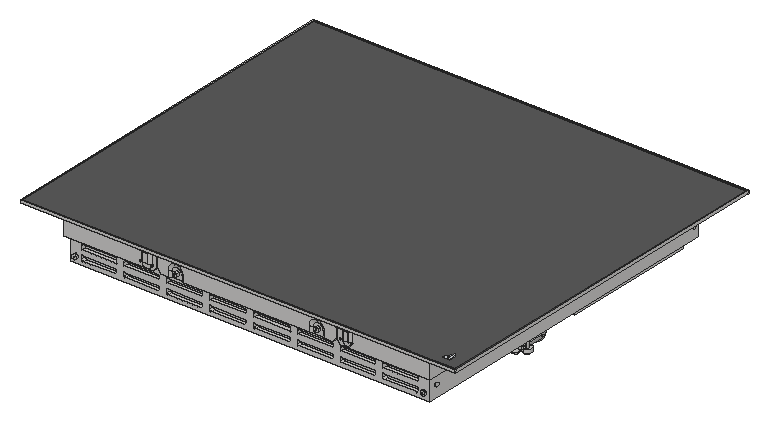
Revit family "P210876JX-026_JIC4324KB", category Specialty Equipment, Revit 2026 (continued)
Automatic sketch dimensions
  plane 3 "Center (Left/Right)" to Extrusion 74 sketch curve = 5.43115"
  Extrusion 74 sketch curve to plane 3 "Center (Left/Right)" = 5.43115"
  Extrusion 74 sketch curve to Extrusion 74 sketch curve = 0.79472"
  Extrusion 75 sketch curve to Extrusion 13 = 0"
  Extrusion 13 to Extrusion 75 sketch curve = 0.237"  (x2)
  Extrusion 75 sketch curve to Extrusion 13 = 0.52514"
  Extrusion 1 to Extrusion 76 sketch curve = 2.04987"  (x2)
  Extrusion 1 to Extrusion 76 sketch curve = 9.31303"
  Extrusion 1 to Extrusion 76 sketch curve = 1.92487"
  Extrusion 76 sketch curve to Extrusion 76 sketch curve = 0.07217"  (x3)
  Extrusion 1 to Extrusion 76 sketch curve = 2.17487"
  Extrusion 76 sketch curve to Extrusion 76 sketch curve = 0.14434"  (x3)
  Extrusion 76 sketch curve to Extrusion 76 sketch curve = 1/8"
  Extrusion 1 to Extrusion 77 sketch curve = 2.05907"  (x2)
  Extrusion 1 to Extrusion 77 sketch curve = 9.60171"
  Extrusion 1 to Extrusion 77 sketch curve = 1.93407"
  Extrusion 77 sketch curve to Extrusion 77 sketch curve = 0.07217"  (x4)
  Extrusion 1 to Extrusion 77 sketch curve = 2.18407"
  Extrusion 77 sketch curve to Extrusion 77 sketch curve = 0.14434"  (x2)
  Extrusion 77 sketch curve to Extrusion 77 sketch curve = 1/8"
  curve 74 to curve 75 = 0"  (x2)
  curve 79 to curve 80 = 0"  (x2)
  curve 79 to curve 82 = 0"  (x2)
  curve 79 to curve 84 = 0"  (x2)
  curve 85 to curve 86 = 0"  (x3)
  curve 86 to curve 88 = 0"  (x3)
  curve 87 to curve 88 = 0"  (x3)
  curve 74 to Extrusion 34 = 5.15933"
  curve 74 to curve 76 = 1/128"
  curve 76 to curve 154 = 0.01307"
  curve 154 to curve 79 = 7.68064"
  curve 115 to Extrusion 34 = 2.70569"
  curve 94 to Extrusion 34 = 2.70569"
  curve 94 to curve 93 = 0"
  curve 90 to curve 106 = 0"
  curve 151 to Extrusion 34 = 2.70357"
  curve 149 to curve 150 = 0"
  curve 145 to curve 146 = 0"
  curve 141 to curve 142 = 0"
  curve 114 to curve 133 = 0.01435"
  curve 138 to curve 134 = 0.06303"
  curve 94 to curve 95 = 0.44056"
  curve 106 to curve 109 = 0.44056"
  curve 90 to curve 93 = 0.44056"
  curve 114 to curve 115 = 0.44056"
  curve 142 to curve 143 = 0.44056"
  curve 138 to curve 140 = 0.44056"
  curve 150 to curve 153 = 0.44056"
  curve 146 to curve 149 = 0.44056"
  curve 130 to curve 131 = 0.44056"
  curve 134 to curve 137 = 0.44056"
  curve 115 to curve 118 = 0.29381"
  curve 96 to curve 105 = 0.29381"
  curve 91 to curve 99 = 0.29381"
  curve 108 to curve 113 = 0.29381"
  curve 132 to curve 123 = 0.34196"
  curve 132 to curve 126 = 0.34196"
  curve 118 to curve 120 = 0.44056"
  curve 102 to curve 104 = 0.44056"
  curve 98 to curve 99 = 0.44056"
  curve 110 to curve 113 = 0.44056"
  curve 122 to curve 123 = 0.44056"
  curve 126 to curve 127 = 0.44056"
  curve 94 to Extrusion 34 = 6.59683"
  curve 102 to curve 95 = 0"
  curve 102 to curve 102 = 0.44056"
  curve 96 to curve 102 = 0"
  curve 94 to curve 80 = 0.48863"
  curve 104 to curve 99 = 0.53653"
  curve 94 to curve 91 = 0.53653"
  curve 75 to Extrusion 34 = 7.58852"
  curve 76 to curve 74 = 0"
  curve 76 to curve 154 = 0.02155"
  curve 99 to curve 101 = 0.44056"
  curve 90 to curve 90 = 0.44056"
  curve 98 to curve 113 = 0.63851"
  curve 90 to curve 109 = 0.63851"
  curve 112 to curve 111 = 0.44056"
  curve 108 to curve 110 = 0"
  curve 111 to curve 120 = 0.49514"
  curve 106 to curve 117 = 0.49514"
  curve 120 to curve 120 = 0.62025"
  curve 116 to curve 118 = 0"
  curve 118 to curve 122 = 1.22469"
  curve 124 to curve 123 = 0.42494"
  curve 123 to curve 128 = 0.06725"
  curve 126 to curve 133 = 0.33259"
  curve 128 to curve 127 = 0.42494"
  curve 132 to curve 131 = 0.62025"
  curve 131 to curve 137 = 1.29916"
  curve 136 to curve 136 = 0.42494"
  curve 134 to curve 138 = 0.29551"
  curve 138 to curve 139 = 0.42494"
  curve 138 to curve 142 = 0.54188"
  curve 142 to curve 142 = 0.42494"
  curve 85 to Extrusion 34 = 8.6894"
  curve 143 to curve 148 = 0.66895"
  curve 148 to curve 147 = 0.42494"
  curve 146 to curve 153 = 0.4972"
  curve 152 to curve 151 = 0.62025"
  curve 76 to curve 74 = 0.07375"
  curve 74 to curve 76 = 0.00337"
  curve 88 to Extrusion 34 = 4.20496"
  curve 86 to curve 88 = 0.00077"
  curve 87 to curve 86 = 0.19537"
  curve 77 to Extrusion 34 = 1.89313"
  curve 75 to curve 77 = 0.19155"
  curve 74 to curve 75 = 0.0011"
  curve 76 to curve 74 = 0.19134"
  curve 77 to curve 76 = 0.00109"
  curve 78 to curve 154 = 0"  (x2)
  curve 74 to curve 75 = 0.20266"
  curve 87 to curve 85 = 0.00814"
  curve 87 to curve 86 = 0.00824"
  curve 87 to curve 89 = 0.10491"
  curve 86 to curve 88 = 0.20271"
  curve 85 to curve 85 = 0.20506"
  curve 79 to curve 79 = 2.90345"
  curve 79 to curve 79 = 0.06494"
  curve 79 to curve 80 = 0.17064"
  curve 81 to curve 84 = 0.09534"
  curve 81 to curve 83 = 2.70374"
  curve 83 to curve 80 = 0.18964"
  curve 83 to curve 82 = 0.19017"
  curve 82 to curve 83 = 0.18673"
  curve 83 to curve 84 = 0.0118"
  curve 80 to curve 79 = 2.91137"
  curve 79 to curve 80 = 0.00119"
  curve 81 to curve 79 = 0.15971"
  curve 84 to curve 81 = 0.03819"
  curve 75 to curve 76 = 3.45772"
  curve 74 to curve 75 = 0.00142"
  curve 78 to curve 74 = 0.18968"
  curve 76 to curve 78 = 0.00949"
  curve 83 to curve 82 = 0.10259"
  curve 77 to curve 75 = 0.09482"
  curve 88 to curve 86 = 0.19534"
  curve 86 to curve 87 = 0.00487"
  curve 85 to curve 88 = 2.12296"
  curve 87 to curve 89 = 0.0011"
  curve 79 to curve 155 = 0"  (x2)
  curve 85 to curve 87 = 0"
  curve 85 to curve 88 = 0"
  curve 86 to curve 87 = 0"
  curve 86 to curve 156 = 5.02836"
  curve 156 to curve 86 = 0.00235"
  curve 85 to curve 156 = 0.00693"
  curve 87 to curve 156 = 0.10491"
  curve 155 to curve 81 = 0.01759"
  curve 155 to curve 81 = 0.01814"
  curve 88 to curve 156 = 0.12439"
  curve 89 to curve 156 = 0"
  plane 7 to Extrusion 20 sketch curve = 57/128"
  Extrusion 20 sketch curve to plane 9 = 3.29061"
  Extrusion 20 sketch curve to Extrusion 20 sketch curve = 0"
  Extrusion 20 sketch curve to Extrusion 20 sketch curve = 0.4663"
  plane 7 to Extrusion 20 sketch curve = 59/128"
  Extrusion 1 to curve 26 = 0.40598"
  Extrusion 1 to curve 25 = 0.40598"
  Extrusion 1 to curve 157 = 2.04987"
  Extrusion 1 to curve 158 = 2.05907"
  Extrusion 1 to curve 28 = 0.40598"
  Extrusion 1 to curve 27 = 0.40598"
  Extrusion 1 to curve 26 = 0.43064"
  Extrusion 1 to curve 28 = 0.68064"
  curve 26 to curve 25 = 5 5/32"
  curve 28 to curve 27 = 5 5/32"
  curve 27 to curve 158 = 3.62048"
  curve 25 to curve 157 = 3.87048"
  Extrusion 21 sketch curve to Extrusion 21 sketch curve = 0.1884"
  Extrusion 21 sketch curve to Extrusion 21 sketch curve = 0.19061"
  radius of curve 17 = 0.15998"
  radius of curve 19 = 0.15998"
  radius of curve 1 = 11/64"
  radius of curve 29 = 11/64"
  radius of Extrusion 2 sketch curve = 0.04258"
  radius of curve 10 = 0.15998"
  radius of curve 18 = 0.15998"
  radius of Extrusion 4 sketch curve = 0.0328"
  radius of Extrusion 10 sketch curve = 0.0328"
  radius of curve 12 = 0.15998"
  radius of Extrusion 15 sketch curve = 0.0328"
  radius of Extrusion 16 sketch curve = 0.0328"
  radius of Extrusion 17 sketch curve = 0.0328"
  radius of Extrusion 24 sketch curve = 0.04258"
  radius of curve 20 = 11/64"
  radius of Extrusion 25 sketch curve = 0.04258"
  radius of Extrusion 25 to curve 11 = 0.12929"
  radius of Extrusion 26 sketch curve = 0.04258"
  radius of curve 21 = 0.17882"
  radius of curve 22 = 0.17882"
  radius of curve 23 = 0.17882"
  radius of curve 24 = 0.17882"
  radius of Extrusion 27 sketch curve = 0.04258"
  radius of Extrusion 28 sketch curve = 0.04258"
  radius of Extrusion 29 sketch curve = 0.04258"
  radius of Extrusion 30 sketch curve = 0.04258"
  radius of Extrusion 31 sketch curve = 0.04258"
  radius of Extrusion 32 sketch curve = 0.04258"
  radius of Extrusion 33 sketch curve = 0.04258"
  radius of Extrusion 44 sketch curve = 0.17487"
  radius of Extrusion 45 sketch curve = 0.17487"
  radius of Extrusion 46 sketch curve = 0.04258"
  radius of Extrusion 55 sketch curve = 0.17487"
  radius of Extrusion 56 sketch curve = 0.0328"
  radius of Extrusion 57 sketch curve = 0.0328"
  radius of curve 37 = 0.07501"
  radius of curve 47 = 0.07501"
  radius of curve 50 = 0.15998"
  radius of curve 51 = 0.15998"
  radius of Extrusion 58 sketch curve = 0.17487"
  radius of Extrusion 60 sketch curve = 1/4"
  radius of curve 59 = 0.07501"
  radius of curve 69 = 0.07501"
  radius of Extrusion 69 sketch curve = 0.0328"
  radius of Extrusion 70 sketch curve = 0.0328"
  radius of curve 72 = 0.15998"
  radius of curve 73 = 0.15998"
  radius of Extrusion 76 sketch curve = 0.04258"
  radius of Extrusion 77 sketch curve = 0.04258"
  radius of curve 154 = 3.43839"
  radius of curve 155 = 2.91329"
  radius of curve 156 = 5.03606"
  radius of Extrusion 20 sketch curve = 0.41987"
  radius of curve 25 = 0.17882"
  radius of curve 26 = 0.17882"
  radius of curve 27 = 0.17882"
  radius of curve 28 = 0.17882"
  radius of curve 157 = 0.17882"
  radius of curve 158 = 0.17882"
  radius of Extrusion 21 sketch curve to Extrusion 20 = 0"
Nested families (in)
  nested 1: "JennAir Logo Extra Small" at (11.64063, -20.5, 2.79687), type "JennAir Logo Extra Small"
Connectors (in)
  electrical at (0, -0.88691, 0.375), driven by "Voltage"
    settings: on Extrusion 60, index 1, voltage 0 V, apparent load 0 VA, apparent load phase1 0 VA, apparent load phase2 0 VA, apparent load phase3 0 VA, power factor 1, load classification "Other", number of poles 1, system type 30, power factor state 1, is connector primary yes, connector utility no, sub classification motor no, connector description "Electrical Connection"
Definition of nested family "JennAir Logo Extra Small"
  Parameters (values of type "JennAir Logo Extra Small")
    Logo Material = none
    Default Elevation = 48"
  Reference planes (in)
    plane 1 "Center (Front/Back)": y = 0
    plane 2: z = 0
    plane 3 "Center (Left/Right)": x = 0
  Forms (in)
    Extrusion 1, solid
      sketch origin (0, 0, 0) x (1, 0, 0) y (0, 1, 0)
        loop
          line (-48, 48) -> (-48, -48) -> (48, -48) -> (48, 48) -> (-48, 48)
      from 0 to -12
    Extrusion 2, solid, material <- "Logo Material"
      sketch origin (0, 0, 0) x (1, 0, 0) y (0, 1, 0)
        loop
          line (-0.19564, -0.03953) -> (-0.19564, -0.1855) -> (0.19564, -0.1855) -> (0.19564, 0.1855) -> (0.02435, 0.34671) -> (0.02435, -0.08)
          arc (0.02435, -0.08) -> (0.00274, -0.10161) -> (-0.01886, -0.08) r 0.0216
          line (-0.01886, -0.08) -> (-0.01886, 0.13725) -> (-0.19564, -0.03953)
      from 0 to 0.01563
  Dimensions and locks (in)
    aligned and locked: plane 2 to Extrusion 1
    aligned and locked: level to Extrusion 1
